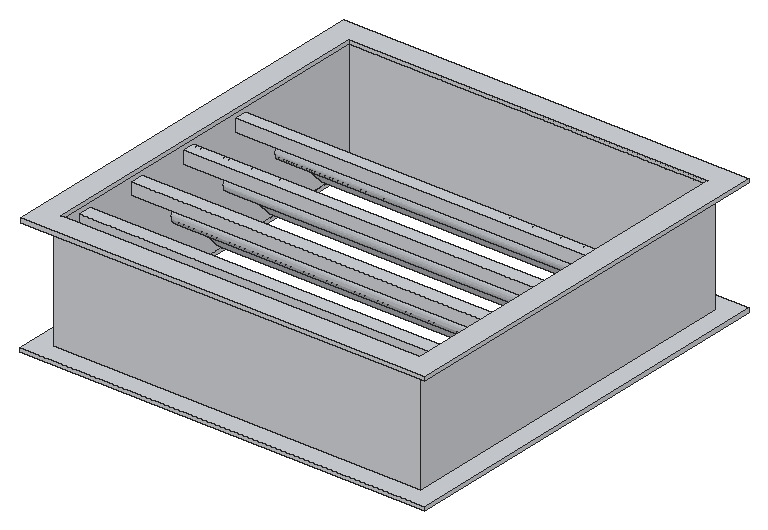
Revit family "2659fe474ae44f6d95e7f3a838e8ebe6", category Air Terminals, host Face, Revit 2021
Family settings
  Host = Face
  Round Connector Dimension = Use Diameter
  Part Type = Normal
  OmniClass Number = 23.30.60.11.17
  OmniClass Title = Exterior Louvers and Grilles
  Seek Item ID = Louver - Extruded-0000-USA-ENU
  Cut with Voids When Loaded = No
  Shared = No
  Room Calculation Point = No
Parameters (values of type "Standard")
  Pressure Drop [instance] = 0.18 in-wg
  Number [instance] = 4
  Louver Width [instance] = Duct Width + 0' 1 1/2"  # 1' - 1 1/2"
  Louver Material = none
  Louver Length [instance] = 0' - 4"
  Louver Height [instance] = Duct Height + 0' 1 1/2"  # 1' - 1 1/2"
  Length 1 [instance] = Louver Length - 0' 0 1/2"  # 0' - 3 1/2"
  Duct Width [instance] = 12"
  Duct Height [instance] = 12"
  Default Elevation = 4' - 0"
  Flow [instance] = 920 FPM * Duct Height * Duct Width  # 920 CFM
Reference planes (in)
  plane 1 "Center (Front/Back)": y = 0
  plane 2: z = 0
  plane 3 "Center (Left/Right)": x = 0
  plane 4: z = -4
  plane 5: z = -0.125
  plane 6: z = -3.875
  plane 7: z = -2
  plane 8: x = -6
  plane 9: x = 6
  plane 10: x = -6.75
  plane 11: x = 6.75
  plane 12: y = 6
  plane 13: y = -6
  plane 14: y = 6.75
  plane 15: y = -6.75
  plane 16: y = -3.25
  plane 17: y = 3.25
Forms (in)
  Extrusion 1, solid, material <- "Louver Material"
    sketch origin (0, 0, 0) x (1, 0, 0) y (0, 1, 0)
      loop
        line (-6.75, 6.75) -> (-6.75, -6.75) -> (6.75, -6.75) -> (6.75, 6.75) -> (-6.75, 6.75)
      loop
        line (-6, 6) -> (-6, -6) -> (6, -6) -> (6, 6) -> (-6, 6)
    from -0.125 to 0
  Extrusion 2, solid, material <- "Louver Material"
    sketch origin (0, 0, 0) x (1, 0, 0) y (0, 1, 0)
      loop
        line (-6.75, 6.75) -> (-6.75, -6.75) -> (6.75, -6.75) -> (6.75, 6.75) -> (-6.75, 6.75)
      loop
        line (-6, 6) -> (-6, -6) -> (6, -6) -> (6, 6) -> (-6, 6)
    from -4 to -3.875
  Extrusion 3, solid, material <- "Louver Material"
    sketch origin (0, 0, 0) x (1, 0, 0) y (0, 1, 0)
      loop
        line (-6, 6) -> (-6, -6) -> (6, -6) -> (6, 6) -> (-6, 6)
      loop
        line (-6.125, 6.125) -> (-6.125, -6.125) -> (6.125, -6.125) -> (6.125, 6.125) -> (-6.125, 6.125)
    from -3.875 to -0.125
Dimensions and locks (in)
  equal spacing: plane 8, plane 3 "Center (Left/Right)", plane 9
  "Duct Width": plane 8 to plane 9
  equal spacing: plane 10, plane 3 "Center (Left/Right)", plane 11
  "Louver Width": plane 10 to plane 11
  equal spacing: plane 13, plane 1 "Center (Front/Back)", plane 12
  "Duct Height": plane 13 to plane 12
  equal spacing: plane 15, plane 1 "Center (Front/Back)", plane 14
  "Louver Height": plane 15 to plane 14
  locked: plane 2 to plane 5 at 0.125
  locked: plane 6 to plane 4 at 0.125
  "Louver Length": plane 2 to plane 4
  equal spacing: plane 5, plane 7, plane 6
  locked: plane 16 to plane 15 at 3.5
  locked: plane 14 to plane 17 at 3.5
  equal spacing: group 1, group 3, group 4, group 2  (x3)
  aligned and locked: plane 2 to host face
  aligned and locked: level to host face
  aligned and locked: plane 10 to Extrusion 1 sketch curve
  aligned and locked: Extrusion 1 sketch curve to plane 14
  aligned and locked: plane 15 to Extrusion 1 sketch curve
  aligned and locked: plane 11 to Extrusion 1 sketch curve
  aligned and locked: plane 8 to Extrusion 1 sketch curve
  aligned and locked: Extrusion 1 sketch curve to plane 12
  aligned and locked: plane 13 to Extrusion 1 sketch curve
  aligned and locked: plane 9 to Extrusion 1 sketch curve
  aligned and locked: Extrusion 1 to plane 5
  aligned and locked: plane 2 to Extrusion 1
  aligned and locked: Extrusion 2 sketch curve to Extrusion 1  (x6)
  aligned and locked: Extrusion 1 to Extrusion 2 sketch curve  (x2)
  aligned and locked: plane 6 to Extrusion 2
  aligned and locked: Extrusion 2 to plane 4
  aligned and locked: plane 8 to Extrusion 3 sketch curve
  aligned and locked: Extrusion 3 sketch curve to Extrusion 1  (x3)
  aligned and locked: plane 5 to Extrusion 3
  aligned and locked: Extrusion 3 to plane 6
  aligned and locked: plane 7 to nested 1
  aligned and locked: plane 16 to nested 1
  aligned and locked: plane 8 to nested 1
  aligned and locked: nested 1 to plane 9
  aligned and locked: plane 7 to nested 2
  aligned and locked: nested 2 to plane 17
Automatic sketch dimensions
  Extrusion 3 sketch curve to plane 8 = 0' - 0 1/8"
  Extrusion 3 sketch curve to plane 9 = 0' - 0 1/8"
  plane 13 to Extrusion 3 sketch curve = 0' - 0 1/8"
  plane 12 to Extrusion 3 sketch curve = 0' - 0 1/8"
  host sketch curve to host sketch curve = 8' - 0"  (x2)
Nested families (in)
  nested 1: "Extruded Louver_Vane" at (0, -3.25, -2), type "Standard"
  nested 2: "Extruded Louver_Vane" at (0, 3.25, -2), type "Standard"
  nested 3: "Extruded Louver_Vane" at (0, -1.08333, -2), type "Standard"
  nested 4: "Extruded Louver_Vane" at (0, 1.08333, -2), type "Standard"
Connectors (in)
  hvac at (0, 0, -4), driven by "Duct Height", driven by "Duct Width", driven by "Pressure Drop", driven by "Flow"
    settings: on Extrusion 2, index 1, duct flow 920 CFM, flow factor 0, pres drop 0.18 in-wg, loss coef 0, conn angle 0.00°, conn width 12", conn height 12", conn diameter 24", duct sys type 2, conn prof type 1, flow config 1, flow direction 2, loss method 4, conn ref index -1, conn util no, is conn primary yes, conn desc ""
Definition of nested family "Extruded Louver_Vane"
  Parameters
    Width = 1' - 0"
    Vane Material = none
    Length = 0' - 3 1/2"
    Default Elevation = 0' - 0"
    Assembly Code = ""
  Reference planes (in)
    plane 1 "Center (Front/Back)": y = 0
    plane 2: z = 0
    plane 3 "Center (Left/Right)": x = 0
    plane 4: y = 2
    plane 5: y = -2
    plane 6: z = 1.75
    plane 7: z = -1.75
    plane 8: x = -6
    plane 9: x = 6
  Forms (in)
    Sweep 1, solid
      path origin (0, 0, 0) x (1, 0, 0) y (0, 1, 0)
        loop
          line (-6, 0) -> (6, 0)
      profile origin (0, 0, 0) x (0, 1, 0) y (0, 0, 1)
        loop
          line (-2, 1.75) -> (-2, 1.34375) -> (-1.9375, 1.34375) -> (-1.9375, 1.6875) -> (-1.59375, 1.6875) -> (-0.24212, 0.24401)
          arc (-0.24212, 0.24401) -> (-0.25092, -0.23495) -> (0.22759, -0.25762) r 0.34375
          line (0.22759, -0.25762) -> (1.625, -1.75) -> (2, -1.75) -> (2, -1.34375) -> (1.9375, -1.34375) -> (1.9375, -1.6875) -> (1.65625, -1.6875) -> (0.22901, -0.16326)
          arc (0.22901, -0.16326) -> (-0.2053, -0.19223) -> (-0.14788, 0.23924) r 0.28125
          line (-0.14788, 0.23924) -> (-1.5625, 1.75) -> (-2, 1.75)
  Dimensions and locks (in)
    equal spacing: plane 4, plane 1 "Center (Front/Back)", plane 5
    locked: plane 4 to plane 5 at 4
    equal spacing: plane 7, plane 2, plane 6
    "Length": plane 7 to plane 6
    equal spacing: plane 8, plane 3 "Center (Left/Right)", plane 9
    "Width": plane 8 to plane 9
    locked: Sweep 1 sketch curve to Sweep 1 sketch curve at 0.0625  (x4)
    locked: Sweep 1 sketch curve to Sweep 1 sketch curve at 0.375
    locked: Sweep 1 sketch curve to Sweep 1 sketch curve at 0.4375
    locked: Sweep 1 sketch curve to Sweep 1 sketch curve at 0.06553  (x2)
    radius of Sweep 1 sketch curve = 0' - 0 9/32"
    radius of Sweep 1 sketch curve = 0' - 0 11/32"
    aligned and locked: plane 1 "Center (Front/Back)" to Sweep 1 sketch curve  (x3)
    aligned and locked: plane 8 to Sweep 1 sketch curve
    aligned and locked: plane 9 to Sweep 1 sketch curve
    aligned and locked: plane 7 to Sweep 1 sketch curve
    aligned and locked: plane 4 to Sweep 1 sketch curve
    aligned and locked: plane 6 to Sweep 1 sketch curve
    aligned and locked: plane 5 to Sweep 1 sketch curve
    aligned and locked: plane 2 to Sweep 1 sketch curve  (x2)
    aligned and locked: Sweep 1 sketch curve to Sweep 1 sketch curve  (x2)
  Automatic sketch dimensions
    Sweep 1 sketch curve to Sweep 1 sketch curve = 0' - 0 11/32"  (x2)
